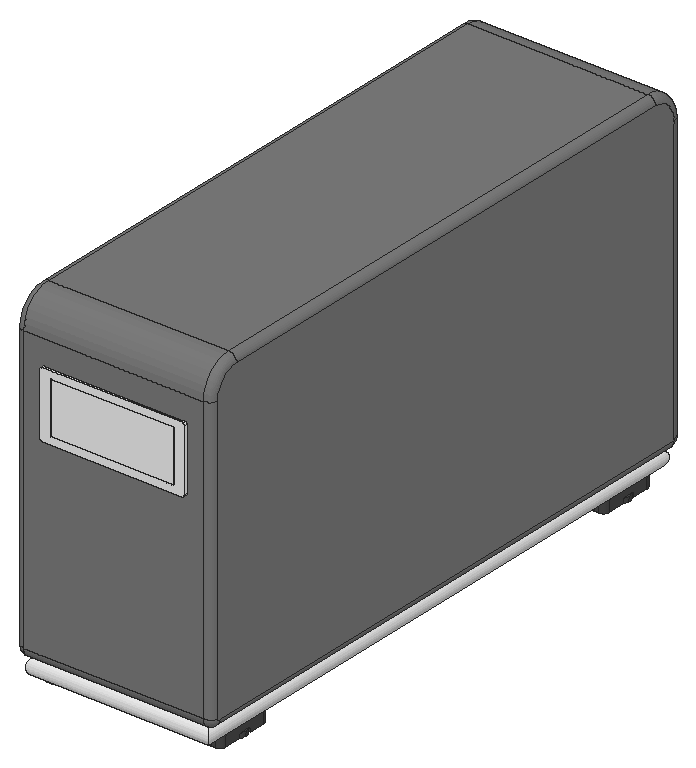
Revit family "Module-Soft_Seating-Allermuir-Pause-PSP075L", category Furniture, Revit 2012
Parameters (values of type "PSP075L")
  ecoScorecard_data = "http://thesenatorgroup.ecoscorecard.com/product/PSP075L"
  ecoScorecard Product Page = "http://products.ecoscorecard.com/allermuir/PSP075L?action=html"
  Weight = 15.0 lbf
  Upholstered Seat = ""
  Upholstered Back = ""
  URL = "http://www.allermuir.net/Default.aspx"
  Subcategory = "Soft Seating"  # constant formula
  Plugin Data URL = "http://products.ecoscorecard.com/thesenatorgroup/PSP075L"
  Base = Metal - Allermuir - Silver
  Stacks = no
  Specifications URL = "http://www.allermuir.net/Services/File.ashx?Id=4477"
  Module = Fabric - Allermuir - Silcoates
  Product Page URL = "http://www.allermuir.net/Products.aspx?RangeId=83"
  Product Line = "Pause"  # constant formula
  Pricing URL = "http://www.allermuir.net/Services/File.ashx?Id=4322"
  Plastic Arms in Black = ""
  Overall Width = 0' - 9 215/256"
  Overall Height = 1' - 5 205/256"
  Overall Depth = 2' - 5 77/128"
  Model = "PSP075L"  # constant formula
  Manufacturer Phone - Toll Free = "(888) 887 5806"  # constant formula
  Manufacturer Phone = "(419) 887 5806"  # constant formula
  Manufacturer Fax = "(419) 887 5805"  # constant formula
  Manufacturer Email = "mailto:contact@allermuir-na.com"
  Manufacturer Address = "1630 Holland Road, Maumee, Ohio 43537 "  # constant formula
  Manufacturer = "Allermuir"  # constant formula
  Leg Base = Plastic - Allermuir - Black
  LEED Stats URL = "http://www.allermuir.net/Services/File.ashx?Id=4423"
  Fabric Spec Sheets = "http://www.allermuir.net/Services/File.ashx?Type=B&Id=51"
  Description = ""
  Color Availability = "See price list for material options"  # constant formula
  CAD Blocks URL = "http://www.allermuir.net/Services/File.ashx?Id=4531"
  Brochure URL = "http://www.allermuir.net/Services/File.ashx?Id=4353"
  Assembly Code = "E2020200"
  95 CSI = "12510"  # constant formula
  04 CSI = "12 51 00"  # constant formula
Reference planes (in)
  plane 1 "Center Front/Back": y = 0
  plane 2: z = 0
  plane 3 "Center Left/Right": x = 0
  plane 4: y = 14.80078
  plane 5: y = -14.80078
  plane 6: x = -4.91992
  plane 7: x = 4.91992
  plane 8: z = 17.80078
Dimensions and locks (in)
  equal spacing: plane 5, plane 1 "Center Front/Back", plane 4
  "Overall Depth": plane 5 to plane 4
  equal spacing: plane 6, plane 3 "Center Left/Right", plane 7
  "Overall Width": plane 6 to plane 7
  "Overall Height": plane 8 to level
  aligned and locked: plane 1 "Center Front/Back" to nested 1
Nested families (in)
  nested 1: "PSP075L" at (0.34238, 0, 0), type "PSP075L"
Definition of nested family "PSP075L"
  Parameters (values of type "PSP075L")
    Width = 0' - 9 27/32"
    Unit = Leather - Allermuir - Fabric - Leather - Brown - Pebble
    Height = 1' - 5.8"
    Depth = 2' - 5.6"
    Default Elevation = 4' - 0"
    Base = Metal - Allermuir - Polished Aluminum
    Assembly Code = ""
    A630 = yes
  Reference planes (in)
    plane 1 "Center (Front/Back)": y = 0
    plane 2: z = 0
    plane 3 "Center (Left/Right)": x = 0
    plane 4: x = 4.5232
    plane 5: y = 14.8
    plane 6: x = -5.32055
    plane 7: y = -14.8
    plane 8: z = 17.8
  Forms (in)
    Sweep 1, solid, material "Leather - Allermuir - Fabric - Leather - Brown - Pebble" <- "Unit"
      path origin (-0.3937, 0.05638, 0) x (1, 0, 0) y (0, 1, 0)
        loop
          line (4.9169, 14.80074) -> (-4.92562, 14.80074)
      profile origin (-0.39806, 14.85712, 0) x (0, -1, 0) y (0, 0, 1)
        loop
          line (27.95276, 17.81121) -> (1.5748, 17.81121)
          arc (1.5748, 17.81121) -> (0.46125, 17.34996) -> (0, 16.2364) r 1.5748
          line (0, 16.2364) -> (0, 1.89727)
          arc (0, 1.89727) -> (0.14743, 1.54133) -> (0.50337, 1.3939) r 0.50337
          line (0.50337, 1.3939) -> (29.02365, 1.3939)
          arc (29.02365, 1.3939) -> (29.37997, 1.54149) -> (29.52756, 1.89781) r 0.50391
          line (29.52756, 1.89781) -> (29.52756, 16.2364)
          arc (29.52756, 16.2364) -> (29.06631, 17.34996) -> (27.95276, 17.81121) r 1.5748
    Sweep 2, void
      path in 3D
        loop
          arc (-5.31932, 13.28232, 17.81121) -> (-5.31932, 14.39587, 17.34996) -> (-5.31932, 14.85712, 16.2364) r 1.5748
          line (-5.31932, 14.85712, 16.2364) -> (-5.31932, 14.85712, 1.89727)
          arc (-5.31932, 14.85712, 1.89727) -> (-5.31932, 14.70969, 1.54133) -> (-5.31932, 14.35375, 1.3939) r 0.50337
          line (-5.31932, 14.35375, 1.3939) -> (-5.31932, -14.16653, 1.3939)
          arc (-5.31932, -14.16653, 1.3939) -> (-5.31932, -14.52285, 1.54149) -> (-5.31932, -14.67044, 1.89781) r 0.50391
          line (-5.31932, -14.67044, 1.89781) -> (-5.31932, -14.67044, 16.2364)
          arc (-5.31932, -14.67044, 16.2364) -> (-5.31932, -14.20919, 17.34996) -> (-5.31932, -13.09564, 17.81121) r 1.5748
          line (-5.31932, -13.09564, 17.81121) -> (-5.31932, 13.28232, 17.81121)
      profile origin (-5.31932, 0.09334, 17.81121) x (-1, 0, 0) y (0, 0, 1)
        loop
          line (0, 0) -> (-0.39423, 0)
          arc (-0.39423, 0) -> (-0.11547, -0.11547) -> (0, -0.39423) r 0.39423
          line (0, -0.39423) -> (0, 0)
    Extrusion 3, solid, material "Metal - Allermuir - Polished Aluminum" <- "Base"
      sketch origin (0, -2.04909, 0) x (1, 0, 0) y (0, 0, 1)
        loop
          line (3.15304, 15.00598) -> (-3.87527, 15.00598)
          arc (-3.87527, 15.00598) -> (-3.96376, 14.96933) -> (-4.00042, 14.88084) r 0.12515
          line (-4.00042, 14.88084) -> (-4.00042, 11.78953)
          arc (-4.00042, 11.78953) -> (-3.96234, 11.6976) -> (-3.87042, 11.65953) r 0.13
          line (-3.87042, 11.65953) -> (3.15304, 11.65953)
          arc (3.15304, 11.65953) -> (3.24497, 11.6976) -> (3.28304, 11.78953) r 0.13
          line (3.28304, 11.78953) -> (3.28304, 14.87598)
          arc (3.28304, 14.87598) -> (3.24497, 14.96791) -> (3.15304, 15.00598) r 0.13
        loop
          line (-3.47562, 12.01405) -> (2.75824, 12.01405) -> (2.75824, 14.65146) -> (-3.47562, 14.65146) -> (-3.47562, 12.01405)
        loop
          line (-3.42956, 14.63197) -> (-3.42956, 12.03354) -> (2.71217, 12.03354) -> (2.71217, 14.63197) -> (-3.42956, 14.63197)
      from 12.63228 to 12.75
    Sweep 4, void
      path in 3D
        loop
          arc (4.5232, -13.09564, 17.81121) -> (4.5232, -14.20919, 17.34996) -> (4.5232, -14.67044, 16.2364) r 1.5748
          line (4.5232, -14.67044, 16.2364) -> (4.5232, -14.67044, 1.89781)
          arc (4.5232, -14.67044, 1.89781) -> (4.5232, -14.52285, 1.54149) -> (4.5232, -14.16653, 1.3939) r 0.50391
          line (4.5232, -14.16653, 1.3939) -> (4.5232, 14.35375, 1.3939)
          arc (4.5232, 14.35375, 1.3939) -> (4.5232, 14.70969, 1.54133) -> (4.5232, 14.85712, 1.89727) r 0.50337
          line (4.5232, 14.85712, 1.89727) -> (4.5232, 14.85712, 16.2364)
          arc (4.5232, 14.85712, 16.2364) -> (4.5232, 14.39587, 17.34996) -> (4.5232, 13.28232, 17.81121) r 1.5748
          line (4.5232, 13.28232, 17.81121) -> (4.5232, -13.09564, 17.81121)
      profile origin (4.5232, 0.09334, 17.81121) x (1, 0, 0) y (0, 0, 1)
        loop
          line (0, 0) -> (-0.39493, 0)
          arc (-0.39493, 0) -> (-0.11567, -0.11567) -> (0, -0.39493) r 0.39493
          line (0, -0.39493) -> (0, 0)
    Sweep 5, solid, material "Metal - Allermuir - Polished Aluminum" <- "Base"
      path origin (-0.01202, 0.05039, 0) x (1, 0, 0) y (0, 1, 0)
        loop
          line (-4.92685, -14.38401) -> (4.12827, -14.38401) -> (4.12827, 14.38401) -> (-4.92685, 14.38401) -> (-4.92685, -14.38401)
      profile origin (-4.93887, 0.05039, 0) x (-1, 0, 0) y (0, 0, 1)
        loop
          circle (-0.41339, 0.91113) r 0.51181
  Cuts and joins
    Sweep 2, Sweep 4 cuts Sweep 1
  Lines and regions (in)
    sketch lines
      curve 1: line (-5.31932, -13.09564, 17.81121) -> (-5.31932, 13.28232, 17.81121)
      curve 2: arc (-5.31932, -13.09564, 17.81121) -> (-5.31932, -14.20919, 17.34996) -> (-5.31932, -14.67044, 16.2364) r 1.5748
      curve 3: line (-5.31932, -14.67044, 1.89781) -> (-5.31932, -14.67044, 16.2364)
      curve 4: arc (-5.31932, 14.85712, 16.2364) -> (-5.31932, 14.39587, 17.34996) -> (-5.31932, 13.28232, 17.81121) r 1.5748
      curve 5: line (-5.31932, 14.85712, 16.2364) -> (-5.31932, 14.85712, 1.89727)
      curve 6: line (-5.31932, 14.35375, 1.3939) -> (-5.31932, -14.16653, 1.3939)
      curve 7: arc (-5.31932, 14.35375, 1.3939) -> (-5.31932, 14.70969, 1.54133) -> (-5.31932, 14.85712, 1.89727) r 0.50337
      curve 8: arc (-5.31932, -14.67044, 1.89781) -> (-5.31932, -14.52285, 1.54149) -> (-5.31932, -14.16653, 1.3939) r 0.50391
      curve 9: line (4.5232, 13.28232, 17.81121) -> (4.5232, -13.09564, 17.81121)
      curve 10: arc (4.5232, 13.28232, 17.81121) -> (4.5232, 14.39587, 17.34996) -> (4.5232, 14.85712, 16.2364) r 1.5748
      curve 11: line (4.5232, 14.85712, 1.89727) -> (4.5232, 14.85712, 16.2364)
      curve 12: arc (4.5232, 14.85712, 1.89727) -> (4.5232, 14.70969, 1.54133) -> (4.5232, 14.35375, 1.3939) r 0.50337
      curve 13: line (4.5232, -14.16653, 1.3939) -> (4.5232, 14.35375, 1.3939)
      curve 14: line (4.5232, -14.67044, 16.2364) -> (4.5232, -14.67044, 1.89781)
      curve 15: arc (4.5232, -14.16653, 1.3939) -> (4.5232, -14.52285, 1.54149) -> (4.5232, -14.67044, 1.89781) r 0.50391
      curve 16: arc (4.5232, -14.67044, 16.2364) -> (4.5232, -14.20919, 17.34996) -> (4.5232, -13.09564, 17.81121) r 1.5748
    symbolic lines, style "Module"
      curve 17: line (-4.93038, 14.85859, 0) -> (4.13096, 14.85859, 0)
      curve 18: line (-5.32055, 14.46843, 0) -> (-5.32055, -14.28653, 0)
      curve 19: line (4.5232, 14.46635, 0) -> (4.5232, -14.29299, 0)
      curve 20: line (4.13481, -14.68138, 0) -> (-4.92571, -14.68138, 0)
      curve 21: line (-4.00042, -14.79909, 0) -> (3.28304, -14.79909, 0)
      curve 22: line (-4.00042, -14.68138, 0) -> (-4.00042, -14.79909, 0)
      curve 23: line (3.28304, -14.79909, 0) -> (3.28304, -14.68138, 0)
      curve 24: arc (-4.93038, 14.85859, 0) -> (-5.20627, 14.74432, 0) -> (-5.32055, 14.46843, 0) r 0.39017
      curve 25: arc (4.13096, 14.85859, 0) -> (4.40831, 14.74371, 0) -> (4.5232, 14.46635, 0) r 0.39224
      curve 26: arc (-5.32055, -14.28653, 0) -> (-5.2049, -14.56573, 0) -> (-4.92571, -14.68138, 0) r 0.39484
      curve 27: arc (4.5232, -14.29299, 0) -> (4.40944, -14.56762, 0) -> (4.13481, -14.68138, 0) r 0.38838
  Dimensions and locks (in)
    equal spacing: plane 5, plane 1 "Center (Front/Back)", plane 7
    "Height": plane 8 to level
    "Width": plane 6 to plane 4
    "Depth": plane 5 to plane 7
  Automatic sketch dimensions
    Sweep 1 sketch curve to plane 4 = 0' - 0"
    Sweep 1 sketch curve to plane 6 = 0' - 0.00123"
    plane 5 to Sweep 1 sketch curve = 0' - 0.05712"
    Sweep 1 sketch curve to profile plane = 0' - 0"
    Sweep 1 sketch curve to profile plane = 0' - 0.50337"
    Sweep 1 sketch curve to profile plane = 0' - 1.5748"
    Sweep 1 sketch curve to Sweep 1 sketch curve = 2' - 2.37795"
    profile plane to Sweep 1 sketch curve = 0' - 1.89781"
    Sweep 1 sketch curve to Sweep 1 sketch curve = 0' - 1.0709"
    Sweep 1 sketch curve to Sweep 1 sketch curve = 0' - 1.5748"
    Sweep 1 sketch curve to Sweep 1 sketch curve = 1' - 2.33859"
    Sweep 2 sketch curve to profile plane = 0' - 0"  (x2)
    profile plane to Sweep 2 sketch curve = 0' - 0.39423"
    Sweep 4 sketch curve to profile plane = 0' - 0"
    profile plane to Sweep 4 sketch curve = 0' - 0"
    profile plane to Sweep 4 sketch curve = 0' - 0.39493"
    Sweep 4 sketch curve to profile plane = 0' - 0.39493"
    Sweep 5 sketch curve to plane 6 = 0' - 0.38168"
    Sweep 5 sketch curve to plane 4 = 0' - 0.40695"
    Sweep 5 sketch curve to plane 7 = 0' - 0.46637"
    Sweep 5 sketch curve to plane 5 = 0' - 0.3656"
    Sweep 5 sketch curve to Sweep 5 sketch curve = 0' - 0"  (x2)
    profile plane to Sweep 5 sketch curve = 0' - 0.41339"
    level to Sweep 5 sketch curve = 0' - 0.39932"
    Sweep 5 sketch curve to Sweep 5 sketch curve = 0' - 0.51181"
    curve 26 to plane 6 = 0' - 0"
    curve 25 to plane 4 = 0' - 0"
    plane 5 to curve 24 = 0' - 0 15/256"
    curve 24 to plane 6 = 0' - 0.39017"
    curve 26 to plane 7 = 0' - 0.11862"
    curve 26 to plane 6 = 0' - 0.39484"
    curve 26 to curve 22 = 0' - 0.92529"
    curve 25 to plane 5 = 0' - 0.33365"
    curve 27 to curve 27 = 0' - 0.38838"
    Extrusion 3 sketch curve to plane 6 = 0' - 1.32013"
    Extrusion 3 sketch curve to Extrusion 3 sketch curve = 0' - 0.12515"
    Extrusion 3 sketch curve to Extrusion 3 sketch curve = 0' - 0.13"  (x2)
    Extrusion 3 sketch curve to Extrusion 3 sketch curve = 0' - 0.39965"
    Extrusion 3 sketch curve to Extrusion 3 sketch curve = 0' - 0.04606"
    Extrusion 3 sketch curve to plane 4 = 0' - 1.81102"
    Extrusion 3 sketch curve to Extrusion 3 sketch curve = 0' - 0.04607"
    Extrusion 3 sketch curve to Extrusion 3 sketch curve = 0' - 0.3948"  (x2)
    Extrusion 3 sketch curve to plane 8 = 0' - 6.14047"
    Extrusion 3 sketch curve to Extrusion 3 sketch curve = 0' - 0.22453"  (x2)
    Extrusion 3 sketch curve to Extrusion 3 sketch curve = 0' - 0.01949"  (x2)
    Extrusion 3 sketch curve to Extrusion 3 sketch curve = 0' - 2.59843"
    curve 21 to plane 7 = 0' - 0.00091"
    curve 21 to curve 20 = 0' - 0.85177"
  Nested families (in)
    nested 1: "Leg-Base" at (3.72632, 12.06563, 0), type "Leg-Base"
    nested 2: "Leg-Base" at (-4.50757, 12.06563, 0) x (-1, 0, 0) z (0, 0, 1), type "Leg-Base"
    nested 3: "Leg-Base" at (-4.50757, -12.08125, 0) x (-1, 0, 0) z (0, 0, 1), type "Leg-Base"
    nested 4: "Leg-Base" at (3.72632, -12.08125, 0), type "Leg-Base"
  Definition of nested family "Leg-Base"
    Parameters (values of type "Leg-Base")
      Leg Base = Plastic - Allermuir - Black
    Reference planes (in)
      plane 1 "Center (Front/Back)": y = 0
      plane 2: z = 0
      plane 3 "Center (Left/Right)": x = 0
    Forms (in)
      Extrusion 1, void
        sketch origin (13.9947, 11.96969, 0) x (0, 1, 0) y (0, 0, 1)
          loop
            line (-12.32973, 0) -> (-11.61674, 0) -> (-11.61674, 0.19097)
            arc (-11.61674, 0.19097) -> (-11.64156, 0.25088) -> (-11.70146, 0.27569) r 0.08472
            line (-11.70146, 0.27569) -> (-12.25271, 0.27569)
            arc (-12.25271, 0.27569) -> (-12.30718, 0.25314) -> (-12.32973, 0.19867) r 0.07702
            line (-12.32973, 0.19867) -> (-12.32973, 0)
        from -14.6331 to -13.3324
      Extrusion 2, solid, material "Plastic - Allermuir - Black" <- "Leg Base"
        sketch origin (13.9947, 11.96969, 0) x (1, 0, 0) y (0, 1, 0)
          loop
            circle (-13.99403, -11.97324) r 0.44534
        from 0 to 0.21533
      Extrusion 3, void
        sketch origin (71.49174, 11.96969, 0) x (1, 0, 0) y (0, 1, 0)
          loop
            arc (-71.58792, -13.44332) -> (-71.79924, -13.35579) -> (-71.88677, -13.14447) r 0.29885
            line (-71.88677, -13.14447) -> (-71.88677, -13.44332) -> (-71.58792, -13.44332)
          loop
            line (-71.58792, -10.49607) -> (-71.88677, -10.49607) -> (-71.88677, -10.79492)
            arc (-71.88677, -10.79492) -> (-71.79924, -10.5836) -> (-71.58792, -10.49607) r 0.29885
          loop
            line (-71.39557, -13.44332) -> (-71.09672, -13.44332) -> (-71.09672, -13.14447)
            arc (-71.09672, -13.14447) -> (-71.18425, -13.35579) -> (-71.39557, -13.44332) r 0.29885
          loop
            arc (-71.39557, -10.49607) -> (-71.18425, -10.5836) -> (-71.09672, -10.79492) r 0.29885
            line (-71.09672, -10.79492) -> (-71.09672, -10.49607) -> (-71.39557, -10.49607)
        from 0 to 0.59583
      Extrusion 4, solid, material "Plastic - Allermuir - Black" <- "Leg Base"
        sketch origin (-13.99403, 11.96969, 0) x (-1, 0, 0) y (0, 0, -1)
          loop
            arc (-14.38906, -0.59583) -> (-13.99403, -0.39015) -> (-13.59901, -0.59583) r 0.48218
            line (-13.59901, -0.59583) -> (-13.59901, -0.01969) -> (-14.38906, -0.01969) -> (-14.38906, -0.59583)
        from 10.49607 to 13.44332
    Cuts and joins
      Extrusion 1, Extrusion 3 cuts Extrusion 4
    Dimensions and locks (in)
      aligned and locked: plane 2 to level
